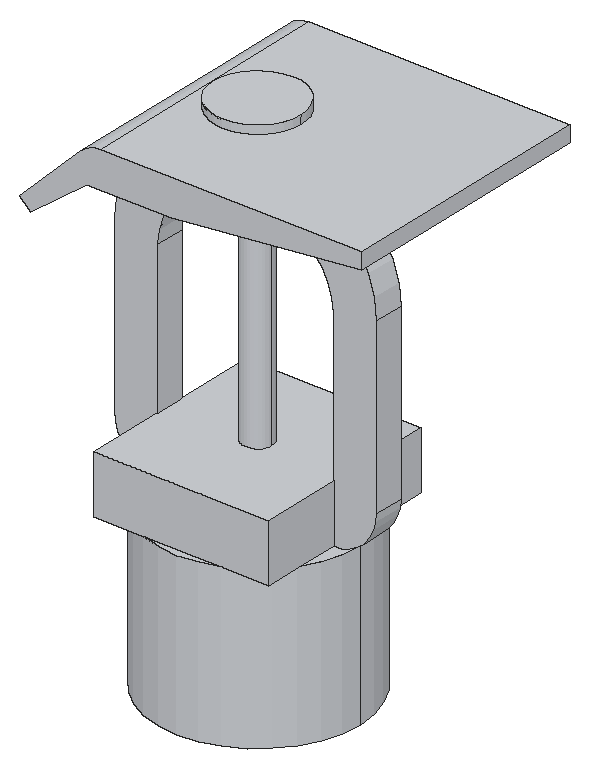
Revit family
Parameters (values of type "RASCO F156 VSW")
  URL = ""
  Temperature Rating = 155 °F
  Response = (empty or 0)
  RASCO SIN # = "RA1385"
  RASCO Part # = "F56V1W"
  Pressure Rating = "175 PSI"
  Pressure Class = (empty or 0)
  Orifice Size = 1/2"
  Orifice = (empty or 0)
  Model = "F156"
  Manufacturer = "RASCO"
  K-Factor = 5.6
  Description = "White Finish"
  Coverage = (empty or 0)
Reference planes (in)
  plane 1 "Center (Front/Back)": y = 0
  plane 2: z = 0
  plane 3 "Center (Left/Right)": x = 0
Nested families (in)
  nested 1: "F56V1W" at (0, 0, 0), type "RASCO F156 VSW"
Connectors (in)
  piping at (0, 0, 0)
    settings: on nested 1, index 1, connector radius 55/128", flow factor 0, pipe flow 0 GPM, pressure drop 0.00 psi, fitting loss kfactor 0, connector angle 0.00°, fixture units 0, flow configuration 0, flow direction 0, fitting loss method 0, system type 7, connector reference index -1, connector utility 0, adjustable connector no, is connector primary yes, fitting loss table "", connector description ""
Definition of nested family "F56V1W"
  Parameters (values of type "RASCO F156 VSW")
    Type Comments = ""
    Temperature Rating = 0 °F
    Response = (empty or 0)
    Pressure Rating = "0"
    Pressure Class = (empty or 0)
    Orifice Size = 0"
    Orifice = (empty or 0)
    Model = ""
    Manufacturer = ""
    K-Factor = 0
    Description = ""
    Coverage = (empty or 0)
    Assembly Code = ""
  Reference planes (in)
    plane 1 "Center (Front/Back)": y = 0
    plane 2: z = 0
    plane 3 "ref.2": z = 0.6875
    plane 4 "ref.3": z = 0.9375
    plane 5: x = -0.38065
    plane 6: x = 0.36935
    plane 7 "ref. side 1": y = 0.06402
    plane 8 "ref. side 2": y = -0.06098
    plane 9 "ref.4": z = 1.875
    plane 10 "ref.5": z = 2.24902
    plane 11 "ref.6": z = 2.4375
    plane 12 "void": z = 2.0625
  Forms (in)
    Extrusion 1, solid
      sketch origin (0, 0, 0) x (1, 0, 0) y (0, 1, 0)
        loop
          circle (0, 0) r 0.4375
      from 0 to 0.6875
    Extrusion 2, solid
      sketch origin (-0.12185, 0.05177, 0.6875) x (1, 0, 0) y (0, 1, 0)
        loop
          line (-0.2588, 0.356) -> (-0.2588, -0.4565) -> (0.4912, -0.4565) -> (0.4912, 0.356) -> (-0.2588, 0.356)
      from 0 to 0.25
    Extrusion 3, solid
      sketch origin (0, 0, 0) x (1, 0, 0) y (0, 0, 1)
        loop
          line (-0.38065, 0.68754) -> (-0.38065, 1.58397)
          arc (-0.38065, 1.58397) -> (-0.29541, 1.78976) -> (-0.08962, 1.875) r 0.29103
          line (-0.08962, 1.875) -> (0.07524, 1.875)
          arc (0.07524, 1.875) -> (0.28321, 1.78886) -> (0.36935, 1.58089) r 0.29411
          line (0.36935, 1.58089) -> (0.36935, 0.68751)
          arc (0.36935, 0.68751) -> (0.50207, 0.74393) -> (0.55685, 0.87734) r 0.18984
          line (0.55685, 0.87734) -> (0.55685, 1.61676)
          arc (0.55685, 1.61676) -> (0.42629, 1.93194) -> (0.11111, 2.0625) r 0.44574
          line (0.11111, 2.0625) -> (-0.12259, 2.0625)
          arc (-0.12259, 2.0625) -> (-0.43765, 1.932) -> (-0.56815, 1.61694) r 0.44556
          line (-0.56815, 1.61694) -> (-0.56815, 0.87876)
          arc (-0.56815, 0.87876) -> (-0.51345, 0.74486) -> (-0.38065, 0.68754) r 0.19126
      from -0.06402 to 0.06098
    Extrusion 4, solid
      sketch origin (0, 0, 0.9375) x (-1, 0, 0) y (0, -1, 0)
        loop
          circle (0.00574, -0.00152) r 0.0625
      from 0 to 0.9375
    Extrusion 5, solid
      sketch origin (0, 0, 1.875) x (-1, 0, 0) y (0, -1, 0)
        loop
          circle (0.00574, -0.00152) r 0.1875
      from 0 to 0.37402
    Extrusion 6, solid
      sketch origin (-0.03679, 0, -0.06016) x (1, 0, 0) y (0, 0, 1)
        loop
          arc (-0.19445, 2.27627) -> (-0.23939, 2.26733) -> (-0.27749, 2.24188) r 0.11743
          line (-0.27749, 2.24188) -> (-0.54045, 1.97891) -> (-0.49488, 1.93334) -> (-0.25503, 2.12072) -> (0.10902, 2.12072) -> (0.92351, 2.20633) -> (0.92351, 2.27627) -> (-0.19445, 2.27627)
      from -0.5584 to 0.5566
  Cuts and joins
    joined: Extrusion 1, Extrusion 2, Extrusion 4
  Lines and regions (in)
    model lines
      curve 1: line (-0.00574, 0.06402, 1.875) -> (-0.00574, -0.06098, 1.875)
